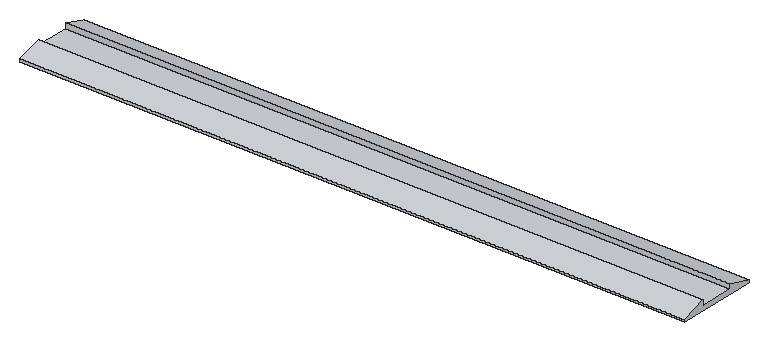
Revit family "FR_PG_Fondation_V2", category Allgemeines Modell, Revit 2018
Family settings
  Kann Basisbauteil für Bewehrung sein = Nein
  Bemaßung runder Anschluss = Durchmesser verwenden
  Teiletyp = Normal
  Beim Laden mit Abzugskörper schneiden = Ja
  Gemeinsam genutzt = Ja
  Raumberechnungspunkt = Nein
Parameters (values of type "MEADRAIN PG1500 -V1_2 Lit Mortier")
  h [instance] = Hauteur du sol + 10 mm - 27 mm  # 43 mm
  guid = "cf6c1bd8-9bf4-4563-8c57-07955e2378ac"  # constant formula
  URL = "https://www.mea-group.com/"
  Type élément de drainage = "Typ M"  # constant formula
  Fiche technique produits = "https://www.mea-group.com/fr/fr/produits/caniveaux-de-drainage-meadrain-pg/"
  STLB-Bau Mustervorlage = "https://www.stlb-bau-online.de/Mustervorlagen/MEA-GROUP/Node"
  Largeur utile élément de drainage mm = if(Largeur utile = 100 mm, "100", if(Largeur utile = 150 mm, "150", "300"))  # "150"
  Largeur utile = 150 mm
  Materiaux = ""
  MEA-Volumen PCC-Mörtel [instance] = B_surface * [built-in parameter 1001306]  # 9.00 L
  MEA aide montage = "https://www.mea-group.com/de/water-management/service/"
  built-in parameter 1001306 [instance] = 3000 mm
  Contruction élément de drainage = "Caineau profile peigne"  # constant formula
  IfcExportType = "USERDEFINED"  # constant formula
  IfcExportAs = "IfcWasteTerminalType"  # constant formula
  IfcDescription = Beschreibung  # "Caniveau plat monolithique en béton polymère, avec profilé de peigne. Absence de pièces mobiles non fixées =\r\nsolution silencieuse. Largeur des fentes selon norme EN 1433, adaptées au passage de personnes à mobilité\r\nréduite (PMR) sans couverture complémentaire. Largeur utile 100mm. Hauteur 500mm. Corps de caniveaux sans\r\npente. Classes de charge A 15 à C 250 selon norme EN 1433. Capacité de charge selon l’application. Respectez\r\nles conseils de pose préconisés par MEA."
  Hersteller = "MEA Bautechnik GmbH bussiness uniteMEA Water Management"  # constant formula
  Poids = "voir la densité mortier"  # constant formula
  Hauteur du sol [instance] = 60 mm
  Technique de Montage = "Caniveau seul"  # constant formula
  Montage en AS [instance] = yes
  Largeur = 150 mm
  Beschreibung = "Caniveau plat monolithique en béton polymère, avec profilé de peigne. Absence de pièces mobiles non fixées =\r\nsolution silencieuse. Largeur des fentes selon norme EN 1433, adaptées au passage de personnes à mobilité\r\nréduite (PMR) sans couverture complémentaire. Largeur utile 100mm. Hauteur 500mm. Corps de caniveaux sans\r\npente. Classes de charge A 15 à C 250 selon norme EN 1433. Capacité de charge selon l’application. Respectez\r\nles conseils de pose préconisés par MEA."
  classe de charge élément de drainage = "C 250"
  élément de construction, drainage = "Caniveau"  # constant formula
  Materiaux, lénrobage/ la fondation = "PCC-Mörtel/Epoxy-Mörtel"  # constant formula
  Bauelement = "Caniveau surface d'eau"  # constant formula
  B_surface [instance] = 0.5 * (Largeur + Largeur utile) * h - (Largeur utile * 23 mm)  # 0.003 m²
  Documents de mise en œuvre = "conformément aux dessins et à la description du produits\r\nconformément aux dessins et à la description du produits"  # constant formula
  Référence (Art.Nr) = "010155602"
Types (2, lengths in mm): name | Largeur utile élément de drainage mm | Largeur utile | MEA-Volumen PCC-Mörtel | Largeur | B_surface
  MEADRAIN PG1000 -V1_2 Lit Mortier | "100" | 100 | 6.00 L | 100 | 0.002 m²
  MEADRAIN PG1500 -V1_2 Lit Mortier | "150" | 150 | 9.00 L | 150 | 0.003 m²
Reference planes
  plane 1 "Mitte (Vorne/hinten)": y = 0
  plane 2: z = 0
  plane 3 "Links": x = 0
  plane 4 "Rechts": x = 3000
Forms (mm)
  Sweep 1, solid
    path in 3D
      loop
        line (0, 0, 0) -> (3000, 0, 0)
    profile "Profil PG-Mörtel_AS V2 : Profil PG-Mörtel_AS V2" origin (1500, 0, 0) x (0, 1, 0) y (0, 0, 1)
      loop
        line (-180, -60) -> (-180, -70) -> (180, -70) -> (180, -60) -> (75, -27.232) -> (75, -50) -> (-75, -50) -> (-75, -27.232) -> (-180, -60)
  Sweep 2, void
    path in 3D
      loop
        line (0, 0, 0) -> (3000, 0, 0)
    profile "Profil PG-Mörtel_AS V2 : Profil PG-Mörtel_AS V2" origin (1500, 0, 0) x (0, 1, 0) y (0, 0, 1)
      loop
        line (-180, -60) -> (-180, -70) -> (180, -70) -> (180, -60) -> (75, -27.232) -> (75, -50) -> (-75, -50) -> (-75, -27.232) -> (-180, -60)
Lines and regions (mm)
  reference lines
    curve 1: line (104.1, 0, 0) -> (2985, 0, 0)
  model lines
    curve 2: line (0, 0, 0) -> (3000, 0, 0)
  sketch lines
    curve 3: line (0, 0, 0) -> (3000, 0, 0)
    curve 4: line (0, 0, 0) -> (3000, 0, 0)
Dimensions and locks
  "built-in parameter 1001306": plane 3 "Links" to plane 4 "Rechts"
  aligned and locked: plane 1 "Mitte (Vorne/hinten)" to curve 1
  aligned and locked: level to plane 2
  aligned and locked: plane 4 "Rechts" to curve 2
  aligned and locked: plane 3 "Links" to curve 2
Automatic sketch dimensions
  plane 1 "Mitte (Vorne/hinten)" to curve 2 = 0 mm
  plane 3 "Links" to curve 1 = 104.1 mm
  curve 1 to plane 4 "Rechts" = 15 mm
